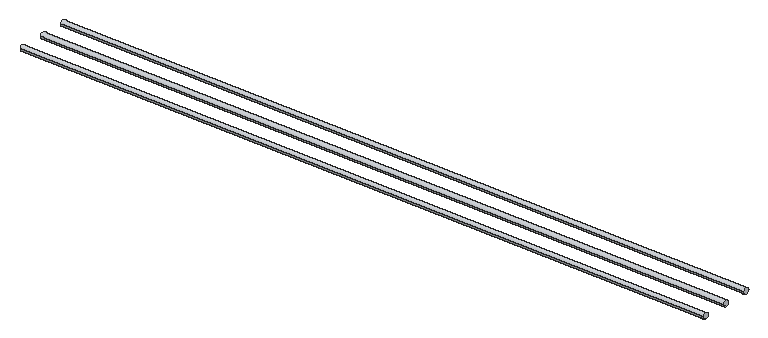
Revit family "PGS_Перемычка_Стержни_v0.1", category Обобщенные модели, Revit 2022
Family settings
  Основа = Стена
  Может служить основой для арматурных стержней = Нет
  Размер круглого соединителя = Использовать диаметр
  Тип детали = Нормальный
  Всегда вертикально = Да
  При загрузке вырезать с полостями = Нет
  Сохранять ориентацию аннотаций = Нет
  Общий = Да
  Точка принадлежности помещению = Нет
Parameters (values of type "Тип 1")
  Ширина проема [instance] = 1120 mm
  Шаг стержней [instance] = 60 mm
  Толщина стены [instance] = 150 mm
  Смещение оси 1 стержня [instance] = (Толщина стены - rounddown((Толщина стены - ADSK_Размер_Диаметр) / Шаг стержней) * Шаг стержней) / 2  # 15 mm
  Радиус стержней [instance] = ADSK_Размер_Диаметр / 2 + Опирание слева - Опирание слева  # 6 mm
  Отметка перемычки [instance] = 2400 mm
  Рзм.ПогМетрыВкл = no
  Отметка по умолчанию = 0 mm
  Орг.ТипВключатьВСпецификацию [instance] = no
  Орг.ИзделиеТипПодсчета = 200  # constant formula
  Описание = "Перемычка"  # constant formula
  Опирание справа [instance] = 250 mm
  Опирание слева [instance] = 250 mm
  Мрк.МаркаКонструкции [instance] = ""
  Колво стержней [instance] = rounddown((Толщина стены - ADSK_Размер_Диаметр) / Шаг стержней) + 1 + if(Вкл доборный, 1, 0)  # 3
  Длина арматурных стержней [instance] = Ширина проема + Опирание слева + Опирание справа  # 1620 mm
  Вкл доборный = no
  m1_1 [instance] = round(m1 / 0.001 kg) * 0.001 kg * Колво стержней  # 4.314 kg
  m1 [instance] = (pi() * (ADSK_Размер_Диаметр / 2) ^ 2) * Длина арматурных стержней * 7850.0000 kg/m³  # 1.43826 kg
  PGS_МаркаПеремычки [instance] = ""
  ADSK_Толщина стены [instance] = Толщина стены  # 150 mm
  ADSK_Размер_Диаметр [instance] = 12 mm
  ADSK_Примечание [instance] = ""
  ADSK_Предел огнестойкости = ""
  ADSK_Позиция [instance] = ""
  ADSK_Обозначение = ""
  ADSK_Наименование = ""
  ADSK_Масса элемента [instance] = m1_1  # 4.314 kg
  ADSK_Масса на единицу длины = 0.00 kg/m
  ADSK_Масса = 0
  ADSK_Марка = ""
  ADSK_Количество = 1
  ADSK_Код изделия = ""
  ADSK_Зона [instance] = ""
  ADSK_Завод-изготовитель = ""
  ADSK_Единица измерения = ""
  ADSK_URL страницы изделия = ""
  ADSK_URL документации изделия = ""
Reference planes
  plane 1 "Стена": y = 0
  plane 2 "По центру (Влево/Вправо)": x = 125
  plane 3 "Сзади": y = 75
  plane 4: x = -435
  plane 5: x = 685
  plane 6: y = -75
  plane 7: z = 2406
  plane 8: z = 0
  plane 9: x = -685
  plane 10: x = 935
  plane 11: z = 2400
Lines and regions (mm)
  model lines
    curve 1: line (125, 0, 2406) -> (125, 0, 0)
Text (mm)
  text "Сторона размещения" at (-3617.723, 1769.378, 0), in view "Опорный уровень"
  text "Сторона размещения" at (0, 1409.804, 2854.306), in view "Слева"
  text "Сторона размещения" at (0, 499.811, 2980.732), in view "Справа"
Dimensions and locks
  locked: plane 3 "Сзади" to host wall
  equal spacing: plane 4, plane 2 "По центру (Влево/Вправо)", plane 5
  "Ширина проема": plane 4 to plane 5
  "Отметка перемычки": plane 8 to plane 11
  "Опирание слева": plane 9 to plane 4
  "Опирание справа": plane 5 to plane 10
  "Смещение оси 1 стержня": nested 1 to plane 3 "Сзади"
  "Толщина стены": host wall to host wall
  "Радиус стержней": plane 11 to plane 7
  aligned and locked: plane 1 "Стена" to host wall
  aligned and locked: level to plane 8
  aligned and locked: plane 7 to curve 1
  aligned and locked: plane 8 to curve 1
  aligned and locked: plane 2 "По центру (Влево/Вправо)" to curve 1
  aligned and locked: nested 1 to plane 2 "По центру (Влево/Вправо)"
  aligned and locked: plane 7 to nested 3
  aligned and locked: plane 7 to nested 1
  aligned and locked: nested 4 to plane 7  (x2)
  aligned and locked: plane 7 to nested 4
  aligned and locked: nested 3 to plane 7
  aligned and locked: nested 2 to plane 7
Automatic sketch dimensions
  curve 1 to host wall = 0 mm
Nested families
  nested 1: "350_Ряд стержней прямых горизонтально (НесАрм_РабПлоск)" at (935, 60, 2406) x (-1, 0, 0) z (0, 0, 1), ADSK_Шаг элементов <- "Шаг стержней", Орг.ТипВключатьВСпецификацию <- "Орг.ТипВключатьВСпецификацию", Мрк.МаркаКонструкции <- "Мрк.МаркаКонструкции", Рзм.ПогМетрыВкл <- "Рзм.ПогМетрыВкл", ADSK_Размер_Диаметр <- "ADSK_Размер_Диаметр", Вкл доборный <- "Вкл доборный", ADSK_Размер_Длина <- "Длина арматурных стержней", ADSK_Размер_Ширина <- "Толщина стены", type "350_Ряд стержней прямых горизонтально (НесАрм_РабПлоск)"
    with Рзм.ПогМетрыВкл no, Орг.ТипВключатьВСпецификацию no, Орг.ИзделиеТипПодсчета 0, Орг.ЗонаРасположения "", Орг.ГлавнаяДетальСборки no, Мрк.ПозАрмДиаметр 12 mm, Мрк.ОбозначениеИзделия "", Мрк.НаименованиеИзделия "", Мрк.МаркаКонструкции "", Мрк.МаркаИзделия "", Колво массива 3, Вкл доборный no, Арм_L 1620 mm, Арм.КлассЧисло 500, PGS_МаркаПеремычки "", ADSK_Шаг элементов 60 mm, ADSK_Размер_Ширина 150 mm, ADSK_Размер_Длина 1620 mm, ADSK_Размер_Диаметр 12 mm, ADSK_Обозначение "ГОСТ 34028-2016", ADSK_Наименование "А500С", ADSK_Материал none, ADSK_Количество 3
  nested 2: "Стержень" at (935, -60, 2406) x (-1, 0, 0) z (0, 0, 1), type "Стержень"
    with Орг.ТипВключатьВСпецификацию no, Орг.ИзделиеТипПодсчета 100, Мрк.МаркаКонструкции "", PGS_МаркаПеремычки "", ADSK_Размер_Длина 1620 mm, ADSK_Размер_Диаметр 12 mm, ADSK_Обозначение "ГОСТ 34028-2016", ADSK_Наименование "А500С", ADSK_Материал none, ADSK_Масса элемента 1.43826 kg
  nested 3: "Стержень" at (935, 0, 2406) x (-1, 0, 0) z (0, 0, 1), type "Стержень"
    with Орг.ТипВключатьВСпецификацию no, Орг.ИзделиеТипПодсчета 100, Мрк.МаркаКонструкции "", PGS_МаркаПеремычки "", ADSK_Размер_Длина 1620 mm, ADSK_Размер_Диаметр 12 mm, ADSK_Обозначение "ГОСТ 34028-2016", ADSK_Наименование "А500С", ADSK_Материал none, ADSK_Масса элемента 1.43826 kg
  nested 4: "Стержень" at (935, 60, 2406) x (-1, 0, 0) z (0, 0, 1), type "Стержень"
    with Орг.ТипВключатьВСпецификацию no, Орг.ИзделиеТипПодсчета 100, Мрк.МаркаКонструкции "", PGS_МаркаПеремычки "", ADSK_Размер_Длина 1620 mm, ADSK_Размер_Диаметр 12 mm, ADSK_Обозначение "ГОСТ 34028-2016", ADSK_Наименование "А500С", ADSK_Материал none, ADSK_Масса элемента 1.43826 kg
Definition of nested family "Стержень"
  Parameters (values of type "Стержень")
    Орг.ТипВключатьВСпецификацию [instance] = yes
    Орг.ИзделиеТипПодсчета [instance] = 100  # constant formula
    Description = ""
    Мрк.МаркаКонструкции [instance] = ""
    PGS_МаркаПеремычки [instance] = ""
    ADSK_Размер_Длина [instance] = 1060 mm
    ADSK_Размер_Диаметр [instance] = 20 mm
    Default Elevation = 1219.2 mm
    ADSK_Обозначение [instance] = "ГОСТ 34028-2016"  # constant formula
    ADSK_Наименование [instance] = "А500С"  # constant formula
    ADSK_Материал [instance] = none
    ADSK_Масса элемента [instance] = (pi() * (ADSK_Размер_Диаметр / 2) ^ 2) * ADSK_Размер_Длина * 7850.0000 kg/m³ / 0.001 * 0.001  # 2.61412 kg
  Reference planes
    plane 1: y = 0
    plane 2: z = 0
    plane 3 "Влево-вправо": x = 0
    plane 4: x = 1060
  Forms (mm)
    Sweep 1, solid, material <- "ADSK_Материал", detail levels medium+fine
      path origin (0, 0, 0) x (1, 0, 0) y (0, 1, 0)
        loop
          line (0, 0) -> (1060, 0)
      profile origin (530, 0, 0) x (0, 1, 0) y (0, 0, 1)
        loop
          circle (0, 0) r 10
  Lines and regions (mm)
    model lines, detail levels coarse
      curve 1: line (0, 0, 0) -> (1060, 0, 0)
    symbolic lines, detail levels coarse
      curve 2: circle (0, 0, 0) r 10 normal (1, 0, 0)
    model lines
      curve 3: line (0, 0, 0) -> (1060, 0, 0)
  Dimensions and locks
    "ADSK_Размер_Длина": plane 3 "Влево-вправо" to plane 4
    "ADSK_Размер_Диаметр": diameter of Sweep 1 sketch curve
    "ADSK_Размер_Диаметр": diameter of curve 2
    aligned and locked: plane 4 to Sweep 1 sketch curve
    aligned and locked: plane 3 "Влево-вправо" to Sweep 1 sketch curve
    aligned and locked: plane 1 to Sweep 1 sketch curve
    aligned and locked: plane 4 to curve 1
    aligned and locked: plane 3 "Влево-вправо" to curve 1
    aligned and locked: plane 1 to curve 1
    aligned and locked: plane 3 "Влево-вправо" to curve 3
    aligned and locked: plane 4 to curve 3
    aligned and locked: plane 1 to curve 3
  Automatic sketch dimensions
    Sweep 1 sketch curve to level = 0 mm
    Sweep 1 sketch curve to profile plane = 0 mm
    curve 2 to plane 1 = 0 mm
    curve 2 to plane 2 = 0 mm
Definition of nested family "350_Ряд стержней прямых горизонтально (НесАрм_РабПлоск)"
  Parameters (values of type "350_Ряд стержней прямых горизонтально (НесАрм_РабПлоск)")
    ADSK_Размер_Ширина [instance] = 1057.071 mm
    Рзм.ПогМетрыВкл [instance] = no
    Орг.ТипВключатьВСпецификацию [instance] = no
    PGS_МаркаПеремычки [instance] = ""
    ADSK_Размер_Длина [instance] = 1930.842 mm
    ADSK_Размер_Диаметр [instance] = 32 mm
    Default Elevation = 1219.2 mm
    Орг.ИзделиеТипПодсчета [instance] = 0  # constant formula
    Орг.ГлавнаяДетальСборки [instance] = no
    ADSK_Обозначение [instance] = if(Арм.КлассЧисло > 200, "ГОСТ 34028-2016", "ГОСТ 6727-80")  # "ГОСТ 34028-2016"
    ADSK_Наименование [instance] = if(Арм.КлассЧисло = 240, "А420", if(Арм.КлассЧисло = 400, "А400", if(Арм.КлассЧисло = 500, "А500С", if(Арм.КлассЧисло = 501, "А500С", if(Арм.КлассЧисло = 502, "А500СП", if(Арм.КлассЧисло = 503, "А500Т", "Арм"))))))  # "А500С"
    ADSK_Материал [instance] = none
    ADSK_Количество [instance] = Колво массива + if(Вкл доборный, 1, 0)  # 4
    ADSK_Шаг элементов [instance] = 455.442 mm
    Мрк.ПозАрмДиаметр [instance] = ADSK_Размер_Диаметр  # 32 mm
    Мрк.ОбозначениеИзделия [instance] = ""
    Мрк.НаименованиеИзделия [instance] = ""
    Мрк.МаркаКонструкции [instance] = ""
    Мрк.МаркаИзделия [instance] = ""
    Колво массива [instance] = rounddown((ADSK_Размер_Ширина - ADSK_Размер_Диаметр) / ADSK_Шаг элементов) + 1  # 3
    Арм_L [instance] = ADSK_Размер_Длина  # 1930.842 mm
    Арм.ВыполненаСемейством = 1 = 1  # yes
    Вкл доборный [instance] = yes
    Арм.ЭскизВкл = 1 = 2  # no
    Арм.КлассЧисло [instance] = 500
    Орг.ЗонаРасположения [instance] = ""
    RBS_VERSION = 2  # constant formula
    RBS_GUID = "92cce507-3d81-455d-8162-75f559c0da28"  # constant formula
    ADSK_Группирование = "Вложенное"  # constant formula
  Reference planes
    plane 1: y = 0
    plane 2: z = 0
    plane 3: x = 0
    plane 4: x = 1930.842
    plane 5: y = 1057.071
    plane 6: y = 455.442
    plane 7: y = 0
    plane 8: y = 910.885
    plane 9: x = 965.421
  Dimensions and locks
    "ADSK_Размер_Длина": plane 3 to plane 4
    equal spacing: group 1, group 2, group 3  (x3)
    "ADSK_Размер_Ширина": plane 1 to plane 5
    "ADSK_Шаг элементов": plane 1 to plane 6
    equal spacing: plane 3, plane 9, plane 4
    aligned and locked: plane 3 to nested 1
    aligned and locked: plane 3 to nested 2
    aligned and locked: plane 3 to nested 3
    aligned and locked: nested 3 to plane 5
    aligned and locked: plane 1 to plane 7
  Nested families
    nested 1: "Стержень" at (0, 0, 0), ADSK_Размер_Диаметр <- "ADSK_Размер_Диаметр", ADSK_Размер_Длина <- "ADSK_Размер_Длина", ADSK_Материал <- "ADSK_Материал", Мрк.МаркаКонструкции <- "Мрк.МаркаКонструкции", Орг.ТипВключатьВСпецификацию <- "Орг.ТипВключатьВСпецификацию", type "Стержень"
      with Орг.ТипВключатьВСпецификацию no, Орг.ИзделиеТипПодсчета 100, Мрк.МаркаКонструкции "", PGS_МаркаПеремычки "", ADSK_Размер_Длина 1930.842 mm, ADSK_Размер_Диаметр 32 mm, ADSK_Обозначение "ГОСТ 34028-2016", ADSK_Наименование "А500С", ADSK_Материал none, ADSK_Масса элемента 12.1901 kg
    nested 2: "Стержень" at (0, 455.442, 0), ADSK_Размер_Диаметр <- "ADSK_Размер_Диаметр", ADSK_Размер_Длина <- "ADSK_Размер_Длина", ADSK_Материал <- "ADSK_Материал", Мрк.МаркаКонструкции <- "Мрк.МаркаКонструкции", Орг.ТипВключатьВСпецификацию <- "Орг.ТипВключатьВСпецификацию", type "Стержень"
      with Орг.ТипВключатьВСпецификацию no, Орг.ИзделиеТипПодсчета 100, Мрк.МаркаКонструкции "", PGS_МаркаПеремычки "", ADSK_Размер_Длина 1930.842 mm, ADSK_Размер_Диаметр 32 mm, ADSK_Обозначение "ГОСТ 34028-2016", ADSK_Наименование "А500С", ADSK_Материал none, ADSK_Масса элемента 12.1901 kg
    nested 3: "Стержень" at (0, 1057.071, 0), ADSK_Размер_Диаметр <- "ADSK_Размер_Диаметр", ADSK_Размер_Длина <- "ADSK_Размер_Длина", ADSK_Материал <- "ADSK_Материал", visible <- "Вкл доборный", Мрк.МаркаКонструкции <- "Мрк.МаркаКонструкции", Орг.ТипВключатьВСпецификацию <- "Орг.ТипВключатьВСпецификацию", type "Стержень"
      with Орг.ТипВключатьВСпецификацию no, Орг.ИзделиеТипПодсчета 100, Мрк.МаркаКонструкции "", PGS_МаркаПеремычки "", ADSK_Размер_Длина 1930.842 mm, ADSK_Размер_Диаметр 32 mm, ADSK_Обозначение "ГОСТ 34028-2016", ADSK_Наименование "А500С", ADSK_Материал none, ADSK_Масса элемента 12.1901 kg
    nested 4: "Стержень" at (0, 910.885, 0), ADSK_Размер_Диаметр <- "ADSK_Размер_Диаметр", ADSK_Размер_Длина <- "ADSK_Размер_Длина", ADSK_Материал <- "ADSK_Материал", Мрк.МаркаКонструкции <- "Мрк.МаркаКонструкции", Орг.ТипВключатьВСпецификацию <- "Орг.ТипВключатьВСпецификацию", type "Стержень"
      with Орг.ТипВключатьВСпецификацию no, Орг.ИзделиеТипПодсчета 100, Мрк.МаркаКонструкции "", PGS_МаркаПеремычки "", ADSK_Размер_Длина 1930.842 mm, ADSK_Размер_Диаметр 32 mm, ADSK_Обозначение "ГОСТ 34028-2016", ADSK_Наименование "А500С", ADSK_Материал none, ADSK_Масса элемента 12.1901 kg
  Definition of nested family "Стержень"
    Parameters (values of type "Стержень")
      Орг.ТипВключатьВСпецификацию [instance] = yes
      Орг.ИзделиеТипПодсчета [instance] = 100  # constant formula
      Description = ""
      Мрк.МаркаКонструкции [instance] = ""
      PGS_МаркаПеремычки [instance] = ""
      ADSK_Размер_Длина [instance] = 1060 mm
      ADSK_Размер_Диаметр [instance] = 20 mm
      Default Elevation = 1219.2 mm
      ADSK_Обозначение [instance] = "ГОСТ 34028-2016"  # constant formula
      ADSK_Наименование [instance] = "А500С"  # constant formula
      ADSK_Материал [instance] = none
      ADSK_Масса элемента [instance] = (pi() * (ADSK_Размер_Диаметр / 2) ^ 2) * ADSK_Размер_Длина * 7850.0000 kg/m³ / 0.001 * 0.001  # 2.61412 kg
    Reference planes
      plane 1: y = 0
      plane 2: z = 0
      plane 3 "Влево-вправо": x = 0
      plane 4: x = 1060
    Forms (mm)
      Sweep 1, solid, material <- "ADSK_Материал", detail levels medium+fine
        path origin (0, 0, 0) x (1, 0, 0) y (0, 1, 0)
          loop
            line (0, 0) -> (1060, 0)
        profile origin (530, 0, 0) x (0, 1, 0) y (0, 0, 1)
          loop
            circle (0, 0) r 10
    Lines and regions (mm)
      model lines, detail levels coarse
        curve 1: line (0, 0, 0) -> (1060, 0, 0)
      symbolic lines, detail levels coarse
        curve 2: circle (0, 0, 0) r 10 normal (1, 0, 0)
      model lines
        curve 3: line (0, 0, 0) -> (1060, 0, 0)
    Dimensions and locks
      "ADSK_Размер_Длина": plane 3 "Влево-вправо" to plane 4
      "ADSK_Размер_Диаметр": diameter of Sweep 1 sketch curve
      "ADSK_Размер_Диаметр": diameter of curve 2
      aligned and locked: plane 4 to Sweep 1 sketch curve
      aligned and locked: plane 3 "Влево-вправо" to Sweep 1 sketch curve
      aligned and locked: plane 1 to Sweep 1 sketch curve
      aligned and locked: plane 4 to curve 1
      aligned and locked: plane 3 "Влево-вправо" to curve 1
      aligned and locked: plane 1 to curve 1
      aligned and locked: plane 3 "Влево-вправо" to curve 3
      aligned and locked: plane 4 to curve 3
      aligned and locked: plane 1 to curve 3
    Automatic sketch dimensions
      Sweep 1 sketch curve to level = 0 mm
      Sweep 1 sketch curve to profile plane = 0 mm
      curve 2 to plane 1 = 0 mm
      curve 2 to plane 2 = 0 mm
